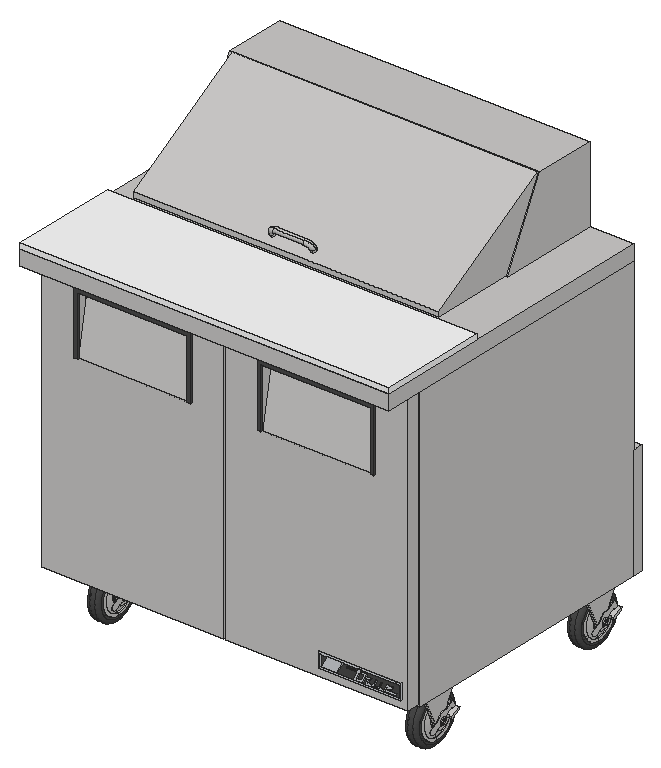
Revit family "QF_TRUE_TSSU-36-08-HC", category Specialty Equipment, Revit 2016
Family settings
  Part Type = Normal
  Round Connector Dimension = Use Diameter
  Work Plane-Based = No
  Always vertical = Yes
  Cut with Voids When Loaded = No
  Shared = No
  Room Calculation Point = No
Parameters
  Weight in Pounds = 255
  Watts = if(Phase = 3, Volts * FL Amps * 1.73, Volts * FL Amps)  # 517.5 W
  Volts = 115 V
  URL Cutsheet = ""
  Specification by User = ""
  Specification by Manufacturer = ""
  Show Seismic Flanged [instance] = no
  Show Logo [instance] = yes
  Show Legs [instance] = no
  Show Clearance [instance] = yes
  Show 6 Inches Castors [instance] = if(Show 2.5 Inches Castors, or(Show Legs, Show Seismic Flanged), if(Show Seismic Flanged, Show Legs, not(or(Show Legs, Show Seismic Flanged, Show 2.5 Inches Castors))))  # yes
  Show 2.5 Inches Castors [instance] = no
  Serial Number = ""
  Seismic Rating = ""
  SMACNA No = ""
  Revision Code = ""
  Phase = 1
  Number of Poles = 1
  NAFEM Spec ID Number = ""
  Model = "TSSU-36-08-HC"
  Min Ckt Ampacity = 0 A
  Max Overcurrent Protection = 0 A
  Masterspec = ""
  Manufacturer = "TRUE"
  Length = 36 5/16"
  Item Number = ""
  Installed By = ""
  Identify Quantity as Lot = yes
  Height = 42 15/16"
  HP = "1/4"
  Furnished By = ""
  Foodservice Equipment Identifier = yes
  FL Amps = 4.5 A
  Electrical Remarks = ""
  Electric Connection Type = ""
  Elec Conn RI Height = 0"
  Elec Conn Connection Height = 0"
  Description = "SOLID DOOR SANDWICH/SALAD UNIT WITH HYDROCARBON REFRIGERANT"
  Depth = 30 1/16"
  Cycle = 60 Hz
  Conn Plug = "NEMA 5-15P"
  Conn Conduit = yes
  CSI MasterFormat = ""
  Base Height [instance] = if(Show 6 Inches Castors, 6 3/16", if(Show 2.5 Inches Castors, 2 1/2", if(Show Legs, 6", if(Show Seismic Flanged, 6", 6 3/16"))))  # 6 3/16"
  Apparent Power = if(Phase = 3, Volts * FL Amps * 1.73, Volts * FL Amps)  # 517.5 VA
  Legs [instance] = and(not(Show 2.5 Inches Castors), or(Show Legs, Show Seismic Flanged))  # no
  Seismic Flanged [instance] = and(Show Seismic Flanged, not(Show 6 Inches Castors))  # no
  2.5 Inches Castors [instance] = and(Show 2.5 Inches Castors, not(Show 6 Inches Castors))  # no
Reference planes (in)
  plane 1 "BACK": y = 0
  plane 2: z = 0
  plane 3 "LEFT": x = 0
  plane 4 "RIGHT": x = 36.3125
  plane 5 "FRONT": y = -30.0625
  plane 6 "TOP": z = 35.9375
  plane 7 "Center Y": x = 18.15625
  plane 8 "Center X": y = -15.03125
  plane 9: y = 1
  plane 10: y = -45.53125
  plane 11: x = 2.5
  plane 12: x = 33.8125
  plane 13: z = 6.1875
  plane 14: z = 42.9375
  plane 15: z = 46.6875
Forms (in)
  Extrusion 1, solid, material "QF_Metal - Stainless - Polished"
    sketch origin (36.3125, 1, 6.1875) x (-1, 0, 0) y (0, 0, 1)
      loop
        circle (18.15625, 4.91291) r 0.25
    from 0 to 1
Dimensions and locks (in)
  equal spacing: plane 3 "LEFT", plane 7 "Center Y", plane 4 "RIGHT"
  "Length": plane 3 "LEFT" to plane 4 "RIGHT"
  equal spacing: plane 5 "FRONT", plane 8 "Center X", plane 1 "BACK"
  "Depth": plane 5 "FRONT" to plane 1 "BACK"
  plane 5 "FRONT" to plane 1 "BACK" = 30 1/16"
  plane 4 "RIGHT" to plane 3 "LEFT" = 36 5/16"
  plane 10 to plane 9 = 46 17/32"
  plane 10 to plane 5 "FRONT" = 15 15/32"  (x2)
  plane 9 to plane 10 = 46 17/32"
  locked: plane 11 to plane 3 "LEFT" at 2.5
  locked: plane 12 to plane 4 "RIGHT" at 2.5
  plane 1 "BACK" to plane 9 = 1"
  plane 6 "TOP" to plane 13 = 29 3/4"
  "Base Height": plane 13 to level
  level to plane 13 to plane 6 "TOP" = 6 3/16", 29 3/4"
  plane 14 to plane 6 "TOP" = 7"  (x2)
  plane 15 to level = 46 11/16"  (x2)
  plane 14 to level = 42 15/16"  (x2)
  plane 6 "TOP" to level = 35 15/16"  (x2)
  aligned and locked: level to plane 2
  aligned and locked: plane 11 to nested 3
  aligned and locked: plane 11 to nested 2
  aligned and locked: plane 12 to nested 5
  aligned and locked: plane 12 to nested 4
  aligned and locked: nested 1 to plane 13
Automatic sketch dimensions
  Extrusion 1 sketch curve to nested 1 = 4.91291"
  nested 1 to Extrusion 1 sketch curve = 18 5/32"
  radius of Extrusion 1 sketch curve = 1/4"
Nested families (in)
  nested 1: "TSSU-36-08-HC" at (0, 0, 0), type "TSSU-36-08-HC"
  nested 2: "CASTORS" at (2.5, -3.12389, 0), Show Seismic flanged legs <- "Seismic Flanged", Show Standard Legs <- "Legs", Show 2.5" Casters <- "2.5 Inches Castors", Show 6" Casters <- "Show 6 Inches Castors", type "CASTORS"
    with Type Mark "", Status "", Specification by User "", Show Standard Legs no, Show Seismic flanged legs no, Show 6" Casters yes, Show 2.5" Casters no, Revision Code "", Key Locks yes, Item Number "", Installed By "", Identify Quantity as Lot yes, Furnished By "", Foodservice Equipment Identifier yes
  nested 3: "CASTORS" at (2.5, -23.06139, 0), Show Seismic flanged legs <- "Seismic Flanged", Show Standard Legs <- "Legs", Show 2.5" Casters <- "2.5 Inches Castors", Show 6" Casters <- "Show 6 Inches Castors", type "CASTORS"
    with Type Mark "", Status "", Specification by User "", Show Standard Legs no, Show Seismic flanged legs no, Show 6" Casters yes, Show 2.5" Casters no, Revision Code "", Key Locks yes, Item Number "", Installed By "", Identify Quantity as Lot yes, Furnished By "", Foodservice Equipment Identifier yes
  nested 4: "CASTORS" at (33.8125, -3.12389, 0), Show Seismic flanged legs <- "Seismic Flanged", Show Standard Legs <- "Legs", Show 2.5" Casters <- "2.5 Inches Castors", Show 6" Casters <- "Show 6 Inches Castors", type "CASTORS"
    with Type Mark "", Status "", Specification by User "", Show Standard Legs no, Show Seismic flanged legs no, Show 6" Casters yes, Show 2.5" Casters no, Revision Code "", Key Locks yes, Item Number "", Installed By "", Identify Quantity as Lot yes, Furnished By "", Foodservice Equipment Identifier yes
  nested 5: "CASTORS" at (33.8125, -23.06139, 0), Show Seismic flanged legs <- "Seismic Flanged", Show Standard Legs <- "Legs", Show 2.5" Casters <- "2.5 Inches Castors", Show 6" Casters <- "Show 6 Inches Castors", type "CASTORS"
    with Type Mark "", Status "", Specification by User "", Show Standard Legs no, Show Seismic flanged legs no, Show 6" Casters yes, Show 2.5" Casters no, Revision Code "", Key Locks yes, Item Number "", Installed By "", Identify Quantity as Lot yes, Furnished By "", Foodservice Equipment Identifier yes
Connectors (in)
  electrical at (18.15625, 2, 11.10041), driven by "Volts", driven by "Apparent Power"
    settings: on Extrusion 1, index 1, voltage 115 V, apparent load 0 VA, apparent load phase1 517.5 VA, apparent load phase2 0 VA, apparent load phase3 0 VA, power factor 1, load classification "Other", number of poles 1, system type 31, power factor state 1, is connector primary yes, connector utility no, sub classification motor no, connector description "ELECTRICAL INLET"
Definition of nested family "TSSU-36-08-HC"
  Parameters (values of type "TSSU-36-08-HC")
    Show Logo [instance] = yes
    Show Clearance [instance] = yes
    Model = ""
    Manufacturer = ""
    Description = ""
  Reference planes (in)
    plane 1 "BACK": y = 0
    plane 2: z = 0
    plane 3 "LEFT": x = 0
    plane 4 "RIGHT": x = 36.3125
    plane 5 "FRONT": y = -30.0625
    plane 6 "TOP": z = 35.9375
    plane 7 "Center Y": x = 18.15625
    plane 8 "Center X": y = -15.03125
    plane 9: y = 1
    plane 10: y = -45.53125
    plane 11: x = 1.53125
    plane 12: x = 32.03125
    plane 13: z = 42.9375
    plane 14: y = -6.125
    plane 15: y = -18.3125
    plane 16: z = 6.1875
    plane 17: z = 46.6875
  Forms (in)
    Extrusion 1, solid, visible <- "Show Clearance", detail levels coarse
      sketch origin (0, -6.40625, 2.25) x (0, 1, 0) y (0, 0, 1)
        loop
          line (0.28125, 40.6875) -> (-8.625, 44.4375)
          arc (-8.625, 44.4375) -> (-12.47245, 39.7361) -> (-11.90625, 33.6875) r 7.99754
          line (-11.90625, 33.6875) -> (0.28125, 40.6875)
      from 1.77525 to 31.8125
    Extrusion 2, solid
      sketch origin (0, 1, 2.25) x (0, 1, 0) y (0, 0, 1)
        loop
          line (-31.0625, 33.1875) -> (-31.0625, 31.6875) -> (-1, 31.6875) -> (-1, 33.1875) -> (-31.0625, 33.1875)
      from 0 to 36.3125
    Extrusion 3, solid
      sketch origin (0, 1, 2.25) x (0, 1, 0) y (0, 0, 1)
        loop
          line (-1, 40.6875) -> (-7.125, 40.6875) -> (-11.11282, 33.1875) -> (-1, 33.1875) -> (-1, 40.6875)
      from 1.53125 to 32.03125
    Extrusion 4, solid
      sketch origin (0, -5.90625, 2.25) x (0, 1, 0) y (0, 0, 1)
        loop
          line (-12.40625, 33.1875) -> (-4.20657, 33.1875) -> (-0.21875, 40.6875) -> (-12.40625, 33.6875) -> (-12.40625, 33.1875)
      from 1.77525 to 31.8125
    Extrusion 5, solid
      sketch origin (0, 1, 2.25) x (0, 1, 0) y (0, 0, 1)
        loop
          line (-1, 31.6875) -> (-27.3125, 31.6875) -> (-27.3125, 3.9375) -> (-1, 3.9375) -> (-1, 31.6875)
      from 0 to 36.3125
    Extrusion 6, solid
      sketch origin (0, 1, 2.25) x (0, 1, 0) y (0, 0, 1)
        loop
          line (-1, 3.9375) -> (0, 3.9375) -> (0, 15.0625) -> (-1, 15.0625) -> (-1, 3.9375)
      from 0 to 36.3125
    Revolve 7, solid
      sketch origin (4.5, 1, 2.25) x (0, 1, 0) y (0, 0, 1)
        loop
          line (-0.60959, 28.75269) -> (-1, 28.75269) -> (-1, 28.1431) -> (0, 28.1431)
          arc (0, 28.1431) -> (-0.17855, 28.57414) -> (-0.60959, 28.75269) r 0.60959
        axis (0, 28.1431) -> (-1, 28.1431)
      angle from 0 to 360
    Extrusion 8, solid
      sketch origin (-12, 1, 2.25) x (0, 1, 0) y (0, 0, 1)
        loop
          line (-1.5, 3.9375) -> (-24.58244, 3.9375) -> (-24.58244, 1.625) -> (-1.5, 1.625) -> (-1.5, 3.9375)
      from 22.9375 to 35.5625
    Extrusion 9, solid
      sketch origin (0, 5, 2.25) x (0, 1, 0) y (0, 0, 1)
        loop
          line (-35.0625, 33.1875) -> (-24.28125, 33.1875) -> (-24.28125, 33.6875) -> (-35.0625, 33.6875) -> (-35.0625, 33.1875)
      from 0 to 36.3125
    Extrusion 10, solid
      sketch origin (64.0625, -26.3125, 33.9375) x (0, 0, -1) y (-1, 0, 0)
        loop
          line (0.125, 63.9375) -> (0.125, 46.02845) -> (27.625, 46.02845) -> (27.625, 63.9375) -> (0.125, 63.9375)
        loop
          line (1.46362, 49.57533) -> (7.96362, 49.57533) -> (7.96362, 60.70033) -> (1.46362, 60.70033) -> (1.46362, 49.57533)
        loop
          line (0.125, 27.875) -> (27.625, 27.875) -> (27.625, 45.78405) -> (0.125, 45.78405) -> (0.125, 27.875)
        loop
          line (1.46362, 42.23717) -> (1.46362, 31.11217) -> (7.96362, 31.11217) -> (7.96362, 42.23717) -> (1.46362, 42.23717)
      from 0 to -1.25
    Extrusion 11, solid
      sketch origin (64.0625, -27.5625, 33.9375) x (0, 0, 1) y (-1, 0, 0)
        loop
          line (-7.96362, 60.70033) -> (-7.96362, 60.32533) -> (-2.08862, 60.32533) -> (-2.08862, 49.57533) -> (-7.96362, 49.57533) -> (-7.96362, 49.20033) -> (-1.46362, 49.20033) -> (-1.46362, 60.70033) -> (-7.96362, 60.70033)
      from 0 to 0.125
    Extrusion 12, solid
      sketch origin (0, 2.25, 2.25) x (0, 1, 0) y (0, 0, 1)
        loop
          line (-29.8125, 23.72388) -> (-28.5625, 23.72388) -> (-28.5625, 30.22388) -> (-29.8125, 23.72388)
      from 14.48717 to 3.73717
    Extrusion 13, solid, visible <- "Show Clearance", detail levels coarse
      sketch origin (0, 2.5, 2.25) x (1, 0, 0) y (0, 1, 0)
        loop
          line (0.125, -30.0625) -> (0.125, -47.97155)
          arc (0.125, -47.97155) -> (12.78861, -42.72611) -> (18.03405, -30.0625) r 17.90905
          line (18.03405, -30.0625) -> (0.125, -30.0625)
        loop
          line (36.1875, -30.0625) -> (18.27845, -30.0625)
          arc (18.27845, -30.0625) -> (23.52389, -42.72611) -> (36.1875, -47.97155) r 17.90905
          line (36.1875, -47.97155) -> (36.1875, -30.0625)
      from 3.9375 to 31.5625
    Sweep 14, solid
      path origin (-3.43801, 0.20441, 5.70605) x (1, 0, 0) y (0, -0.498053, 0.867146)
        loop
          line (22.25, 35.4375) -> (22.25, 35.6875)
          arc (22.25, 35.6875) -> (22.10355, 36.04105) -> (21.75, 36.1875) r 0.5
          line (21.75, 36.1875) -> (18.75, 36.1875)
          arc (18.75, 36.1875) -> (18.39645, 36.04105) -> (18.25, 35.6875) r 0.5
          line (18.25, 35.6875) -> (18.25, 35.4375)
      profile origin (16.81199, -17.81889, 37.08591) x (0, 0.498053, -0.867146) y (0, -0.867146, -0.498053)
        loop
          circle (0, 0) r 0.25
    Revolve 15, solid
      sketch origin (31.8125, 1, 2.25) x (0, 1, 0) y (0, 0, -1)
        loop
          arc (-0.60959, -28.75269) -> (-0.17855, -28.57414) -> (0, -28.1431) r 0.60959
          line (0, -28.1431) -> (-1, -28.1431) -> (-1, -28.75269) -> (-0.60959, -28.75269)
        axis (0, -28.1431) -> (-1, -28.1431)
      angle from 0 to 360
    Extrusion 16, solid
      sketch origin (-27.75, -27.5625, 33.9375) x (0, 0, 1) y (-1, 0, 0)
        loop
          line (-7.96362, -60.70033) -> (-1.46362, -60.70033) -> (-1.46362, -49.20033) -> (-7.96362, -49.20033) -> (-7.96362, -49.57533) -> (-2.08862, -49.57533) -> (-2.08862, -60.32533) -> (-7.96362, -60.32533) -> (-7.96362, -60.70033)
      from 0 to 0.125
    Extrusion 17, solid
      sketch origin (36.3125, 2.25, 2.25) x (0, 1, 0) y (0, 0, -1)
        loop
          line (-29.8125, -23.72388) -> (-28.5625, -30.22388) -> (-28.5625, -23.72388) -> (-29.8125, -23.72388)
      from 14.48717 to 3.73717
  Lines and regions (in)
    symbolic lines
      curve 1: line (2.95982, -17.21875, 2.25) -> (30.43479, -17.21875, 2.25)
      curve 2: line (2.95982, -2.125, 2.25) -> (2.95982, -17.21875, 2.25)
      curve 3: line (30.43479, -2.125, 2.25) -> (2.95982, -2.125, 2.25)
      curve 4: line (30.43479, -17.21875, 2.25) -> (30.43479, -2.125, 2.25)
      curve 5: line (9.82856, -2.125, 2.25) -> (9.82856, -17.21875, 2.25)
      curve 6: line (23.56605, -2.125, 2.25) -> (23.56605, -17.21875, 2.25)
      curve 7: line (2.95982, -9.67187, 2.25) -> (30.43479, -9.67187, 2.25)
      curve 8: line (0, 0, 2.25) -> (0, -30.0625, 2.25)
      curve 9: line (36.3125, 0, 2.25) -> (0, 0, 2.25)
      curve 10: line (36.3125, -30.0625, 2.25) -> (36.3125, 0, 2.25)
      curve 11: line (1.53125, 0, 2.25) -> (1.53125, -13.2553, 2.25)
      curve 12: line (1.53125, -6.125, 2.25) -> (32.03125, -6.125, 2.25)
      curve 13: line (32.03125, -13.2553, 2.25) -> (32.03125, 0, 2.25)
      curve 14: line (32.03125, -13.2553, 2.25) -> (31.8125, -13.2553, 2.25)
      curve 15: line (31.8125, -6.125, 2.25) -> (31.8125, -18.3125, 2.25)
      curve 16: line (31.8125, -18.3125, 2.25) -> (1.77525, -18.3125, 2.25)
      curve 17: line (1.77525, -18.3125, 2.25) -> (1.77525, -6.125, 2.25)
      curve 18: line (1.53125, -13.2553, 2.25) -> (1.77525, -13.2553, 2.25)
      curve 19: line (1.77525, -6.625, 2.25) -> (31.8125, -6.625, 2.25)
      curve 20: line (0, -19.28125, 2.25) -> (36.3125, -19.28125, 2.25)
      curve 21: line (0, -30.0625, 0) -> (36.3125, -30.0625, 0)
      curve 22: line (0.125, -30.0625, 2.25) -> (16.49813, -34.81885, 2.25)
      curve 23: arc (16.49813, -34.81885, 2.25) -> (17.34344, -32.48788, 2.25) -> (17.8587, -30.0625, 2.25) r 17.90905
      curve 24: line (36.1875, -30.0625, 2.25) -> (19.81437, -34.81885, 2.25)
      curve 25: arc (19.81437, -34.81885, 2.25) -> (18.96906, -32.48788, 2.25) -> (18.4538, -30.0625, 2.25) r 17.90905
      curve 26: arc (32.42209, 0.39041, 2.25) -> (31.8125, 1, 2.25) -> (31.20291, 0.39041, 2.25) r 0.60959
      curve 27: line (32.42209, 0.39041, 2.25) -> (32.42209, 0, 2.25)
      curve 28: line (31.20291, 0, 2.25) -> (31.20291, 0.39041, 2.25)
      curve 29: arc (3.89041, 0.39041, 2.25) -> (4.5, 1, 2.25) -> (5.10959, 0.39041, 2.25) r 0.60959
      curve 30: line (3.89041, 0.39041, 2.25) -> (3.89041, 0, 2.25)
      curve 31: line (5.10959, 0, 2.25) -> (5.10959, 0.39041, 2.25)
      curve 32: line (16.6973, -2.125, 2.25) -> (16.6973, -17.21875, 2.25)
  Dimensions and locks (in)
    equal spacing: plane 3 "LEFT", plane 7 "Center Y", plane 4 "RIGHT"
    plane 3 "LEFT" to plane 4 "RIGHT" = 36 5/16"
    equal spacing: plane 5 "FRONT", plane 8 "Center X", plane 1 "BACK"
    plane 5 "FRONT" to plane 1 "BACK" = 30 1/16"  (x2)
    plane 4 "RIGHT" to plane 3 "LEFT" = 36 5/16"
    plane 13 to level = 42 15/16"
    plane 10 to plane 9 = 46 17/32"
    plane 10 to plane 5 "FRONT" = 15 15/32"
    plane 4 "RIGHT" to plane 12 to plane 11 to plane 3 "LEFT" = 4 9/32", 30 1/2", 1 17/32"
    plane 1 "BACK" to plane 9 = 1"
    plane 14 to plane 1 "BACK" = 6 1/8"
    plane 15 to plane 1 "BACK" = 18 5/16"
    plane 13 to plane 16 = 36 3/4"  (x2)
    plane 16 to level = 6 3/16"  (x2)
    plane 6 "TOP" to plane 16 = 29 3/4"  (x2)
    plane 13 to plane 6 "TOP" = 7"  (x2)
    plane 17 to plane 6 "TOP" = 10 3/4"
    Extrusion 8 to Extrusion 8 to plane 4 "RIGHT" = 12 5/8", 12 3/4"
    plane 17 to level = 46 11/16"
    plane 6 "TOP" to level = 35 15/16"
    locked: Extrusion 3 to Extrusion 1 at 0.21875
    locked: Extrusion 3 to Extrusion 1 at 0.244
    aligned and locked: level to plane 2
    aligned and locked: Extrusion 1 to Extrusion 4
    aligned and locked: Extrusion 4 to Extrusion 1
    aligned and locked: Extrusion 13 to Extrusion 10
    aligned and locked: Extrusion 2 to plane 4 "RIGHT"
    aligned and locked: Extrusion 9 to plane 4 "RIGHT"
    aligned and locked: Extrusion 5 to plane 4 "RIGHT"
    aligned and locked: Extrusion 6 to plane 4 "RIGHT"
    aligned and locked: Extrusion 12 to Extrusion 10
    aligned and locked: curve 10 to Extrusion 9
    aligned and locked: curve 25 to Extrusion 13
    aligned and locked: curve 23 to Extrusion 13
    aligned and locked: Extrusion 3 to plane 12
    aligned and locked: Extrusion 3 to plane 11
    aligned and locked: Extrusion 5 to Extrusion 10
    aligned and locked: Extrusion 10 to nested 1
  Automatic sketch dimensions
    Extrusion 6 sketch curve to plane 1 "BACK" = 0"
    Extrusion 6 sketch curve to plane 9 = 0"
    Extrusion 6 sketch curve to plane 16 = 0"
    plane 16 to Extrusion 6 sketch curve = 11 1/8"
    curve 21 to plane 3 "LEFT" = 0"
    curve 21 to plane 4 "RIGHT" = 0"
    plane 5 "FRONT" to curve 21 = 0"
    Extrusion 1 sketch curve to plane 6 "TOP" = 0"
    Extrusion 1 sketch curve to plane 15 = 0"
    Extrusion 1 sketch curve to plane 8 "Center X" = 0"
    Extrusion 1 sketch curve to plane 13 = 0"
    Extrusion 1 sketch curve to plane 14 = 0"
    Extrusion 1 sketch curve to plane 17 = 0"
    Extrusion 1 sketch curve to plane 13 = 3.28617"
    Extrusion 2 sketch curve to plane 5 "FRONT" = 0"
    Extrusion 2 sketch curve to plane 1 "BACK" = 0"
    Extrusion 2 sketch curve to plane 6 "TOP" = 2"
    Extrusion 2 sketch curve to plane 6 "TOP" = 1/2"
    Extrusion 3 sketch curve to plane 13 = 0"
    Extrusion 3 sketch curve to plane 14 = 0"
    Extrusion 3 sketch curve to plane 1 "BACK" = 0"
    Extrusion 3 sketch curve to plane 6 "TOP" = 1/2"
    Extrusion 3 sketch curve to plane 14 = 3.98782"
    Extrusion 4 sketch curve to plane 6 "TOP" = 0"
    Extrusion 4 sketch curve to plane 15 = 0"
    Extrusion 4 sketch curve to plane 13 = 0"
    Extrusion 4 sketch curve to plane 14 = 0"
    Extrusion 4 sketch curve to plane 6 "TOP" = 1/2"
    Extrusion 4 sketch curve to plane 14 = 3.98782"
    Extrusion 5 sketch curve to plane 16 = 0"
    Extrusion 5 sketch curve to plane 1 "BACK" = 0"
    Extrusion 5 sketch curve to plane 5 "FRONT" = 3 3/4"
    Extrusion 5 sketch curve to plane 6 "TOP" = 2"
    Revolve 7 sketch curve to plane 1 "BACK" = 0"
    Revolve 7 sketch curve to plane 9 = 0"  (x2)
    Revolve 7 sketch curve to plane 1 "BACK" = 0.39041"
    Revolve 7 sketch curve to plane 6 "TOP" = 5.5444"
    plane 14 to Revolve 7 sketch curve = 2 3/8"
    Revolve 7 sketch curve to Revolve 7 sketch curve = 0"
    Extrusion 8 sketch curve to plane 16 = 0"
    Extrusion 8 sketch curve to plane 5 "FRONT" = 6.48006"
    plane 1 "BACK" to Extrusion 8 sketch curve = 1/2"
    Extrusion 8 sketch curve to plane 16 = 2 5/16"
    Extrusion 9 sketch curve to plane 5 "FRONT" = 0"
    Extrusion 9 sketch curve to plane 6 "TOP" = 0"
    Extrusion 9 sketch curve to plane 15 = 31/32"
    Extrusion 9 sketch curve to plane 6 "TOP" = 1/2"
    plane 3 "LEFT" to Extrusion 10 sketch curve = 1/8"
    Extrusion 10 sketch curve to plane 6 "TOP" = 2 1/8"
    Extrusion 10 sketch curve to Extrusion 10 sketch curve = 0"
    Extrusion 10 sketch curve to plane 6 "TOP" = 3.46362"  (x2)
    Extrusion 10 sketch curve to plane 12 = 0.91908"
    Extrusion 10 sketch curve to Extrusion 10 sketch curve = 6 1/2"  (x2)
    plane 16 to Extrusion 10 sketch curve = 1/8"  (x2)
    plane 4 "RIGHT" to Extrusion 10 sketch curve = 1/8"
    plane 7 "Center Y" to Extrusion 10 sketch curve = 3.66908"
    plane 7 "Center Y" to Extrusion 10 sketch curve = 0.1222"
    Extrusion 10 sketch curve to plane 7 "Center Y" = 0.1222"
    Extrusion 10 sketch curve to plane 7 "Center Y" = 3.66908"
    Extrusion 10 sketch curve to plane 11 = 1.83092"
    Extrusion 11 sketch curve to Extrusion 10 = 0"  (x4)
    Extrusion 10 to Extrusion 11 sketch curve = 0"
    Extrusion 10 to Extrusion 11 sketch curve = 5/8"
    Extrusion 11 sketch curve to Extrusion 10 = 3/8"
    Extrusion 10 to Extrusion 11 sketch curve = 3/8"
    Extrusion 12 sketch curve to plane 5 "FRONT" = 2 1/2"
    Extrusion 12 sketch curve to Extrusion 12 sketch curve = 1 1/4"
    Extrusion 12 sketch curve to plane 6 "TOP" = 9.96362"
    Extrusion 12 sketch curve to plane 6 "TOP" = 3.46362"
    plane 3 "LEFT" to Extrusion 13 sketch curve = 1/8"
    Extrusion 13 sketch curve to plane 7 "Center Y" = 0.1222"
    plane 7 "Center Y" to Extrusion 13 sketch curve = 0.1222"
    plane 4 "RIGHT" to Extrusion 13 sketch curve = 1/8"
    plane 10 to Extrusion 13 sketch curve = 0.0597"  (x2)
    Sweep 14 sketch curve to plane 7 "Center Y" = 3.34426"
    Sweep 14 sketch curve to Sweep 14 sketch curve = 1/2"  (x2)
    plane 7 "Center Y" to Sweep 14 sketch curve = 0.15574"
    Sweep 14 sketch curve to Sweep 14 sketch curve = 1/4"  (x2)
    Sweep 14 sketch curve to profile plane = 0"
    profile plane to Sweep 14 sketch curve = 0"
    Revolve 15 sketch curve to plane 1 "BACK" = 0"
    Revolve 15 sketch curve to plane 9 = 0"  (x2)
    Revolve 15 sketch curve to plane 1 "BACK" = 0.39041"
    Revolve 15 sketch curve to plane 6 "TOP" = 4.93481"
    plane 14 to Revolve 15 sketch curve = 2 3/8"
    Revolve 15 sketch curve to Revolve 15 sketch curve = 0"
    Extrusion 16 sketch curve to Extrusion 10 = 0"  (x4)
    Extrusion 10 to Extrusion 16 sketch curve = 0"
    Extrusion 10 to Extrusion 16 sketch curve = 5/8"
    Extrusion 10 to Extrusion 16 sketch curve = 3/8"
    Extrusion 16 sketch curve to Extrusion 10 = 3/8"
    Extrusion 17 sketch curve to plane 5 "FRONT" = 2 1/2"
    Extrusion 17 sketch curve to Extrusion 17 sketch curve = 1 1/4"
    Extrusion 17 sketch curve to plane 6 "TOP" = 3.46362"
    Extrusion 17 sketch curve to Extrusion 17 sketch curve = 6 1/2"
    plane 1 "BACK" to curve 8 = 0"
    curve 8 to plane 3 "LEFT" = 0"
    plane 5 "FRONT" to curve 22 = 0"
    curve 11 to plane 11 = 0"
    curve 17 to plane 15 = 0"
    curve 17 to plane 14 = 0"
    plane 5 "FRONT" to curve 23 = 0"
    plane 5 "FRONT" to curve 25 = 0"
    curve 13 to plane 12 = 0"
    plane 5 "FRONT" to curve 24 = 0"
    plane 5 "FRONT" to curve 8 = 0"
    plane 5 "FRONT" to curve 10 = 0"
    curve 17 to plane 11 = 0.244"
    curve 3 to plane 11 = 1.42857"
    curve 30 to plane 1 "BACK" = 0.39041"
    curve 30 to plane 11 = 2.35916"
    curve 29 to curve 29 = 0.60959"
    curve 22 to plane 7 "Center Y" = 1.65812"
    plane 7 "Center Y" to curve 24 = 1.65812"
    plane 12 to curve 3 = 1.59646"
    curve 28 to plane 1 "BACK" = 0.39041"
    plane 12 to curve 28 = 0.82834"
    plane 12 to curve 16 = 7/32"
    plane 12 to curve 26 = 7/32"
    plane 15 to curve 4 = 1 3/32"
    plane 8 "Center X" to curve 14 = 1.77595"
    plane 8 "Center X" to curve 11 = 1.77595"
    plane 1 "BACK" to curve 3 = 2 1/8"
    plane 3 "LEFT" to curve 22 = 1/8"
    curve 31 to curve 5 = 4.71897"
    curve 32 to plane 7 "Center Y" = 1.45895"
    plane 7 "Center Y" to curve 6 = 5.4098"
    plane 4 "RIGHT" to curve 24 = 1/8"
    curve 20 to plane 15 = 31/32"
    curve 7 to plane 14 = 3 35/64"
    curve 19 to plane 14 = 1/2"
    radius of Sweep 14 sketch curve = 1/4"
  Nested families (in)
    nested 1: "QF_LOGO_TRUE" at (27.43627, -27.5625, 7.01961), Show Logo <- "Show Logo", type "QF_LOGO_TRUE", detail levels medium+fine
      with Show Logo yes
  Definition of nested family "QF_LOGO_TRUE"
    Parameters (values of type "QF_LOGO_TRUE")
      Show Logo [instance] = yes
    Reference planes (in)
      plane 1 "Center (Front/Back)": y = 0
      plane 2: z = 0
      plane 3 "Center (Left/Right)": x = 0
    Forms (in)
      Extrusion 1, solid, visible <- "Show Logo", detail levels medium+fine
        sketch origin (-78.34647, 34.76905, -30.51001) x (1, 0, 0) y (0, 0, 1)
          loop
            line (81.15226, 31.65456) -> (81.07353, 31.48573) -> (82.12083, 31.48573)
            arc (82.12083, 31.48573) -> (82.14208, 31.44814) -> (82.12083, 31.41055) r 0.04386
            line (82.12083, 31.41055) -> (81.84767, 30.82478)
            arc (81.84767, 30.82478) -> (81.84531, 30.77052) -> (81.882, 30.73048) r 0.07096
            line (81.882, 30.73048) -> (82.55165, 30.73048)
            arc (82.55165, 30.73048) -> (82.63621, 30.75714) -> (82.69019, 30.82748) r 0.14742
            line (82.69019, 30.82748) -> (82.90515, 31.28847) -> (83.10265, 31.28847)
            arc (83.10265, 31.28847) -> (83.15447, 31.26942) -> (83.14697, 31.21472) r 0.04405
            line (83.14697, 31.21472) -> (82.9671, 30.82899)
            arc (82.9671, 30.82899) -> (82.9699, 30.76493) -> (83.02398, 30.73048) r 0.06943
            line (83.02398, 30.73048) -> (83.6124, 30.73048)
            arc (83.6124, 30.73048) -> (83.65748, 30.74689) -> (83.68147, 30.78844) r 0.07014
            arc (83.68147, 30.78844) -> (83.69845, 30.74745) -> (83.73943, 30.73048) r 0.05796
            line (83.73943, 30.73048) -> (84.112, 30.73048)
            arc (84.112, 30.73048) -> (84.15504, 30.74201) -> (84.18655, 30.77352) r 0.08608
            arc (84.18655, 30.77352) -> (84.20164, 30.7371) -> (84.23806, 30.72202) r 0.0515
            line (84.23806, 30.72202) -> (84.76757, 30.72202)
            arc (84.76757, 30.72202) -> (84.81086, 30.73995) -> (84.8288, 30.78324) r 0.06122
            arc (84.8288, 30.78324) -> (84.86848, 30.74355) -> (84.92269, 30.72903) r 0.10842
            line (84.92269, 30.72903) -> (85.91461, 30.72903) -> (86.02479, 30.91987) -> (85.0243, 30.91987)
            arc (85.0243, 30.91987) -> (84.99669, 30.93902) -> (84.99566, 30.97261) r 0.03732
            line (84.99566, 30.97261) -> (85.01297, 31.00972)
            arc (85.01297, 31.00972) -> (85.03954, 31.04453) -> (85.0813, 31.05774) r 0.07263
            line (85.0813, 31.05774) -> (85.40289, 31.05774)
            arc (85.40289, 31.05774) -> (85.4723, 31.07633) -> (85.52311, 31.12715) r 0.13882
            line (85.52311, 31.12715) -> (85.61625, 31.28847)
            arc (85.61625, 31.28847) -> (85.61625, 31.37458) -> (85.54168, 31.41763) r 0.08611
            line (85.54168, 31.41763) -> (85.20227, 31.41763)
            arc (85.20227, 31.41763) -> (85.11574, 31.40294) -> (85.05538, 31.33923) r 0.13863
            line (85.05538, 31.33923) -> (84.89409, 30.99333)
            arc (84.89409, 30.99333) -> (84.84649, 30.9313) -> (84.77191, 30.90778) r 0.13002
            line (84.77191, 30.90778) -> (84.41984, 30.90778)
            arc (84.41984, 30.90778) -> (84.3777, 30.95378) -> (84.38042, 31.0161) r 0.08151
            line (84.38042, 31.0161) -> (84.56766, 31.41763) -> (84.44849, 31.41763) -> (84.25012, 30.99222)
            arc (84.25012, 30.99222) -> (84.21158, 30.94199) -> (84.15119, 30.92296) r 0.10527
            line (84.15119, 30.92296) -> (83.90842, 30.92296)
            arc (83.90842, 30.92296) -> (83.8674, 30.97642) -> (83.87619, 31.04323) r 0.08805
            line (83.87619, 31.04323) -> (84.05078, 31.41763) -> (83.92772, 31.41763) -> (83.72676, 30.98668)
            arc (83.72676, 30.98668) -> (83.68011, 30.94003) -> (83.61639, 30.92296) r 0.12745
            line (83.61639, 30.92296) -> (83.26484, 30.92296)
            arc (83.26484, 30.92296) -> (83.2017, 30.9524) -> (83.19563, 31.0218) r 0.06967
            line (83.19563, 31.0218) -> (83.31118, 31.26961) -> (83.47452, 31.26961)
            arc (83.47452, 31.26961) -> (83.50209, 31.35268) -> (83.56075, 31.41763) r 0.21289
            line (83.56075, 31.41763) -> (82.92244, 31.41763)
            arc (82.92244, 31.41763) -> (82.85151, 31.40191) -> (82.80242, 31.34834) r 0.12081
            line (82.80242, 31.34834) -> (82.6294, 30.9773)
            arc (82.6294, 30.9773) -> (82.58962, 30.93752) -> (82.53528, 30.92296) r 0.10869
            line (82.53528, 30.92296) -> (82.1542, 30.92296)
            arc (82.1542, 30.92296) -> (82.12446, 30.96315) -> (82.13012, 31.01283) r 0.06822
            line (82.13012, 31.01283) -> (82.38156, 31.48573) -> (83.01596, 31.48573) -> (83.09469, 31.65456) -> (82.46029, 31.65456) -> (82.53902, 31.8234) -> (82.31334, 31.8234) -> (82.23461, 31.65456) -> (81.15226, 31.65456)
          loop
            arc (85.15937, 31.26434) -> (85.13191, 31.25698) -> (85.1118, 31.23688) r 0.05494
            line (85.1118, 31.23688) -> (85.09547, 31.18665)
            arc (85.09547, 31.18665) -> (85.10304, 31.16837) -> (85.12133, 31.16079) r 0.02586
            line (85.12133, 31.16079) -> (85.39889, 31.16079)
            arc (85.39889, 31.16079) -> (85.41888, 31.16523) -> (85.43513, 31.1777) r 0.04731
            line (85.43513, 31.1777) -> (85.44863, 31.2402)
            arc (85.44863, 31.2402) -> (85.44466, 31.25693) -> (85.42914, 31.26434) r 0.01994
            line (85.42914, 31.26434) -> (85.15937, 31.26434)
          loop
            line (78.62961, 30.74125) -> (80.12032, 30.74125) -> (80.73891, 31.81268) -> (79.2482, 31.81268) -> (78.62961, 30.74125)
        from 34.76797 to 34.83173
      Extrusion 2, solid, visible <- "Show Logo", detail levels medium+fine
        sketch origin (-142.84857, 34.75108, -33.3546) x (1, 0, 0) y (0, 0, 1)
          loop
            line (150.81107, 34.71978) -> (142.98607, 34.71978) -> (142.98607, 33.4921) -> (150.81107, 33.4921) -> (150.81107, 34.71978)
        from 34.75108 to 34.78125
      Extrusion 3, solid, visible <- "Show Logo", detail levels medium+fine
        sketch origin (-142.84857, 34.75108, -33.3546) x (1, 0, 0) y (0, 0, 1)
          loop
            line (150.94857, 34.85727) -> (142.84857, 34.85727) -> (142.84857, 33.3546) -> (150.94857, 33.3546) -> (150.94857, 34.85727)
          loop
            line (142.98607, 34.71978) -> (142.98607, 33.4921) -> (150.81107, 33.4921) -> (150.81107, 34.71978) -> (142.98607, 34.71978)
        from 34.75108 to 34.81376
      Extrusion 4, solid, not visible
        sketch origin (121.45701, -16.5, 4.98235) x (1, 0, 0) y (0, 0, 1)
          loop
            line (25.20115, 35.89949) -> (25.20115, 33.96647) -> (30.95381, 33.96647) -> (30.95381, 35.89949) -> (25.20115, 35.89949)
        from 31.5 to 31.54261
      Extrusion 5, solid, not visible
        sketch origin (121.45701, -16.5, 4.98235) x (1, 0, 0) y (0, 0, 1)
          loop
            line (26.7387, 34.95472) -> (26.61492, 34.49276) -> (27.038, 34.49276)
            arc (27.038, 34.49276) -> (27.13117, 34.52484) -> (27.18485, 34.60749) r 0.15134
            arc (27.18485, 34.60749) -> (27.20396, 34.68138) -> (27.22435, 34.75493) r 4.37326
            arc (27.22435, 34.75493) -> (27.23458, 34.81765) -> (27.22435, 34.88037) r 0.1974
            arc (27.22435, 34.88037) -> (27.18247, 34.93579) -> (27.11563, 34.95472) r 0.10914
            line (27.11563, 34.95472) -> (26.7387, 34.95472)
          loop
            line (26.90201, 34.80638) -> (26.84645, 34.59903) -> (26.92855, 34.59903)
            arc (26.92855, 34.59903) -> (26.98205, 34.6185) -> (27.01051, 34.6678) r 0.08322
            line (27.01051, 34.6678) -> (27.02399, 34.74424)
            arc (27.02399, 34.74424) -> (27.01491, 34.78454) -> (26.97985, 34.80638) r 0.05353
            line (26.97985, 34.80638) -> (26.90201, 34.80638)
          loop
            line (27.45336, 34.66131) -> (27.76233, 34.66131) -> (27.78859, 34.73909)
            arc (27.78859, 34.73909) -> (27.7878, 34.82039) -> (27.73107, 34.87864) r 0.10925
            arc (27.73107, 34.87864) -> (27.68233, 34.8944) -> (27.63139, 34.89974) r 0.24595
            line (27.63139, 34.89974) -> (27.46708, 34.89974)
            arc (27.46708, 34.89974) -> (27.4068, 34.88073) -> (27.3535, 34.84677) r 0.2421
            arc (27.3535, 34.84677) -> (27.2897, 34.76363) -> (27.26702, 34.66131) r 0.2421
            line (27.26702, 34.66131) -> (27.26702, 34.54477)
            arc (27.26702, 34.54477) -> (27.31618, 34.4956) -> (27.38334, 34.47761) r 0.13431
            line (27.38334, 34.47761) -> (27.59054, 34.47761)
            arc (27.59054, 34.47761) -> (27.63459, 34.48281) -> (27.67622, 34.49812) r 0.18924
            line (27.67622, 34.49812) -> (27.73102, 34.61563)
            arc (27.73102, 34.61563) -> (27.68453, 34.59565) -> (27.63566, 34.58252) r 0.35376
            arc (27.63566, 34.58252) -> (27.55885, 34.56956) -> (27.48204, 34.58252) r 0.23415
            arc (27.48204, 34.58252) -> (27.44492, 34.61362) -> (27.45336, 34.66131) r 0.04838
          loop
            line (27.4842, 34.73042) -> (27.62012, 34.73042) -> (27.62621, 34.76496)
            arc (27.62621, 34.76496) -> (27.58961, 34.80242) -> (27.53739, 34.80638) r 0.0742
            arc (27.53739, 34.80638) -> (27.49747, 34.77773) -> (27.4842, 34.73042) r 0.0742
          loop
            line (27.91616, 34.97572) -> (27.78675, 34.49276) -> (27.98645, 34.49276) -> (28.11586, 34.97572) -> (27.91616, 34.97572)
          loop
            line (28.13678, 34.66131) -> (28.08755, 34.47761) -> (28.27134, 34.47761) -> (28.32056, 34.66131) -> (28.43674, 34.66131) -> (28.47974, 34.78864) -> (28.36519, 34.78864)
            arc (28.36519, 34.78864) -> (28.35733, 34.81649) -> (28.36921, 34.84288) r 0.04231
            arc (28.36921, 34.84288) -> (28.431, 34.8652) -> (28.49617, 34.85686) r 0.13988
            line (28.49617, 34.85686) -> (28.53544, 34.97317)
            arc (28.53544, 34.97317) -> (28.39725, 34.99096) -> (28.25905, 34.97317) r 0.54546
            arc (28.25905, 34.97317) -> (28.20849, 34.91994) -> (28.18197, 34.85147) r 0.1894
            line (28.18197, 34.85147) -> (28.17089, 34.78864) -> (28.11397, 34.78864) -> (28.07985, 34.66131) -> (28.13678, 34.66131)
          loop
            arc (28.74846, 34.89756) -> (28.65884, 34.88533) -> (28.56922, 34.89756) r 0.33455
            line (28.56922, 34.89756) -> (28.45669, 34.47761) -> (28.63593, 34.47761) -> (28.74846, 34.89756)
          loop
            arc (28.60398, 35.01195) -> (28.57699, 34.97173) -> (28.60398, 34.9315) r 0.04347
            line (28.60398, 34.9315) -> (28.75755, 34.9315)
            arc (28.75755, 34.9315) -> (28.78645, 34.96687) -> (28.77911, 35.01195) r 0.0556
            line (28.77911, 35.01195) -> (28.60398, 35.01195)
          loop
            line (28.95336, 34.66131) -> (29.26233, 34.66131) -> (29.28859, 34.73909)
            arc (29.28859, 34.73909) -> (29.2878, 34.82039) -> (29.23107, 34.87864) r 0.10925
            arc (29.23107, 34.87864) -> (29.18233, 34.8944) -> (29.13139, 34.89974) r 0.24595
            line (29.13139, 34.89974) -> (28.96708, 34.89974)
            arc (28.96708, 34.89974) -> (28.9068, 34.88073) -> (28.8535, 34.84677) r 0.2421
            arc (28.8535, 34.84677) -> (28.7897, 34.76363) -> (28.76702, 34.66131) r 0.2421
            line (28.76702, 34.66131) -> (28.76702, 34.54477)
            arc (28.76702, 34.54477) -> (28.81618, 34.4956) -> (28.88334, 34.47761) r 0.13431
            line (28.88334, 34.47761) -> (29.09054, 34.47761)
            arc (29.09054, 34.47761) -> (29.13459, 34.48281) -> (29.17622, 34.49812) r 0.18924
            line (29.17622, 34.49812) -> (29.23102, 34.61563)
            arc (29.23102, 34.61563) -> (29.18453, 34.59565) -> (29.13566, 34.58252) r 0.35376
            arc (29.13566, 34.58252) -> (29.05885, 34.56956) -> (28.98204, 34.58252) r 0.23415
            arc (28.98204, 34.58252) -> (28.94492, 34.61362) -> (28.95336, 34.66131) r 0.04838
          loop
            line (28.9842, 34.73042) -> (29.12012, 34.73042) -> (29.12621, 34.76496)
            arc (29.12621, 34.76496) -> (29.08961, 34.80242) -> (29.03739, 34.80638) r 0.0742
            arc (29.03739, 34.80638) -> (28.99747, 34.77773) -> (28.9842, 34.73042) r 0.0742
          loop
            line (29.41616, 34.97572) -> (29.28675, 34.49276) -> (29.48645, 34.49276) -> (29.61586, 34.97572) -> (29.41616, 34.97572)
          loop
            line (29.99836, 34.97572) -> (29.95192, 34.80242)
            arc (29.95192, 34.80242) -> (29.94473, 34.85705) -> (29.90102, 34.89059) r 0.07199
            arc (29.90102, 34.89059) -> (29.80023, 34.89941) -> (29.70251, 34.87322) r 0.29131
            arc (29.70251, 34.87322) -> (29.61806, 34.7652) -> (29.5896, 34.63108) r 0.30433
            line (29.5896, 34.63108) -> (29.5896, 34.55572)
            arc (29.5896, 34.55572) -> (29.61075, 34.50463) -> (29.66184, 34.48348) r 0.07224
            line (29.66184, 34.48348) -> (29.78537, 34.48348)
            arc (29.78537, 34.48348) -> (29.83854, 34.51313) -> (29.88504, 34.55243) r 0.31609
            line (29.88504, 34.55243) -> (29.86905, 34.49276) -> (30.05973, 34.49276) -> (30.18914, 34.97572) -> (29.99836, 34.97572)
          loop
            arc (29.84537, 34.75931) -> (29.79424, 34.71128) -> (29.77745, 34.64317) r 0.12371
            arc (29.77745, 34.64317) -> (29.80071, 34.59901) -> (29.85056, 34.59647) r 0.05045
            arc (29.85056, 34.59647) -> (29.90141, 34.64047) -> (29.92536, 34.7033) r 0.13769
            arc (29.92536, 34.7033) -> (29.90211, 34.75521) -> (29.84537, 34.75931) r 0.05543
          loop
            line (26.45047, 35.26762) -> (26.58211, 35.26762)
            arc (26.58211, 35.26762) -> (26.60467, 35.30821) -> (26.62126, 35.35157) r 0.3277
            arc (26.62126, 35.35157) -> (26.62714, 35.39992) -> (26.60877, 35.44503) r 0.09693
            arc (26.60877, 35.44503) -> (26.56454, 35.48868) -> (26.50462, 35.50516) r 0.12312
            arc (26.50462, 35.50516) -> (26.44158, 35.50565) -> (26.37854, 35.50546) r 5.76967
            arc (26.37854, 35.50546) -> (26.07462, 35.42923) -> (25.81045, 35.26076) r 0.97743
            line (25.81045, 35.26076) -> (25.85921, 35.26076)
            arc (25.85921, 35.26076) -> (26.08494, 35.39361) -> (26.3396, 35.45485) r 0.88817
            arc (26.3396, 35.45485) -> (26.41429, 35.44188) -> (26.47267, 35.39352) r 0.14748
            arc (26.47267, 35.39352) -> (26.48041, 35.32725) -> (26.45047, 35.26762) r 0.11636
          loop
            arc (26.35412, 35.17841) -> (26.19578, 35.0555) -> (26.00982, 34.98069) r 0.72453
            arc (26.00982, 34.98069) -> (25.9036, 34.95581) -> (25.79459, 34.9604) r 0.40201
            arc (25.79459, 34.9604) -> (25.7275, 34.98819) -> (25.69972, 35.05528) r 0.09488
            arc (25.69972, 35.05528) -> (25.71867, 35.12629) -> (25.77049, 35.17841) r 0.1425
            line (25.77049, 35.17841) -> (25.73665, 35.18748)
            arc (25.73665, 35.18748) -> (25.67632, 35.09876) -> (25.66924, 34.99171) r 0.20432
            arc (25.66924, 34.99171) -> (25.71443, 34.9227) -> (25.79473, 34.90384) r 0.11116
            arc (25.79473, 34.90384) -> (25.91172, 34.89904) -> (26.02716, 34.91862) r 0.56145
            arc (26.02716, 34.91862) -> (26.27675, 35.021) -> (26.49584, 35.17841) r 1.15683
            line (26.49584, 35.17841) -> (26.35412, 35.17841)
        from 31.54261 to 31.56272
    Dimensions and locks (in)
      aligned and locked: level to plane 2
      aligned and locked: Extrusion 2 to Extrusion 3  (x2)
      aligned and locked: Extrusion 2 sketch curve to Extrusion 3
Definition of nested family "CASTORS"
  Parameters (values of type "CASTORS")
    Weight = ""
    URL Manufacturer = ""
    URL Cutsheet = ""
    URL = ""
    Type Mark [instance] = ""
    Status [instance] = ""
    Specification by User [instance] = ""
    Specification by Manufacturer = ""
    Show Standard Legs [instance] = yes
    Show Seismic flanged legs [instance] = yes
    Show 6" Casters [instance] = yes
    Show 2.5" Casters [instance] = yes
    Serial Number = ""
    Seismic Rating = ""
    SMACNA No = ""
    Revision Code [instance] = ""
    Omniclass Number and Title = ""
    NAFEM Spec ID Number = ""
    Model = ""
    MasterSpec. = ""
    Manufacturer = ""
    Key Locks [instance] = yes
    Item Number [instance] = ""
    Installed By [instance] = ""
    Identify Quantity as Lot [instance] = yes
    Furnished By [instance] = ""
    Foodservice Equipment Identifier [instance] = yes
    Description = ""
    CSI MasterFormat = ""
    CSI Master Format = ""
    Assembly Code = ""
  Reference planes (in)
    plane 1: z = 0
    plane 2 "RIGHT": x = 0
    plane 3 "FRONT": y = 0
    plane 4 "TOP": z = 6
    plane 5: z = 6.1875
  Forms (in)
    Revolve 1, solid, visible <- "Show 6" Casters"
      sketch origin (0, 2.21793, 0) x (0, 1, 0) y (0, 0, 1)
        loop
          line (-2.21793, 6.1875) -> (-2.21793, 5.55584) -> (-0.93693, 5.55584) -> (-0.93693, 6.1875) -> (-2.21793, 6.1875)
        axis (-2.21793, 5.55584) -> (-2.21793, 6.1875)
      angle from 0 to 360
    Extrusion 2, solid, visible <- "Show 6" Casters"
      sketch origin (-1.81294, 2.21793, 0) x (0, 1, 0) y (0, 0, 1)
        loop
          line (-3.37793, 5.55584) -> (-3.37793, 5.25584) -> (-3.23369, 5.25584)
          arc (-3.23369, 5.25584) -> (-3.1238, 5.20977) -> (-3.03725, 5.12786) r 0.33195
          line (-3.03725, 5.12786) -> (-1.55521, 1.94961)
          arc (-1.55521, 1.94961) -> (-0.54268, 1.81523) -> (-0.22336, 2.78544) r 0.8
          arc (-0.22336, 2.78544) -> (-0.27816, 2.89808) -> (-0.34988, 3.00079) r 0.8
          arc (-0.34988, 3.00079) -> (-0.37005, 3.3613) -> (-0.26088, 3.70547) r 1
          line (-0.26088, 3.70547) -> (0.31507, 4.78867)
          arc (0.31507, 4.78867) -> (-0.09241, 4.97284) -> (-0.5252, 5.08531) r 2.63
          line (-0.5252, 5.08531) -> (-0.54193, 5.25584) -> (-1.05793, 5.25584) -> (-1.05793, 5.55584) -> (-3.37793, 5.55584)
      from 0.78968 to 0.90247
    Extrusion 3, solid, visible <- "Show 6" Casters"
      sketch origin (0.13094, 2.21793, 0) x (0, 1, 0) y (0, 0, 1)
        loop
          line (-3.37793, 5.55584) -> (-3.37793, 5.25584) -> (-3.23369, 5.25584)
          arc (-3.23369, 5.25584) -> (-3.1238, 5.20977) -> (-3.03725, 5.12786) r 0.33195
          line (-3.03725, 5.12786) -> (-1.55521, 1.94961)
          arc (-1.55521, 1.94961) -> (-0.54268, 1.81523) -> (-0.22336, 2.78544) r 0.8
          arc (-0.22336, 2.78544) -> (-0.27816, 2.89808) -> (-0.34988, 3.00079) r 0.8
          arc (-0.34988, 3.00079) -> (-0.37005, 3.3613) -> (-0.26088, 3.70547) r 1
          line (-0.26088, 3.70547) -> (0.31507, 4.78867)
          arc (0.31507, 4.78867) -> (-0.09241, 4.97284) -> (-0.5252, 5.08531) r 2.63
          line (-0.5252, 5.08531) -> (-0.54193, 5.25584) -> (-1.05793, 5.25584) -> (-1.05793, 5.55584) -> (-3.37793, 5.55584)
      from 0.78968 to 0.90247
    Extrusion 4, solid, visible <- "Show 6" Casters"
      sketch origin (-1.93794, 2.21793, 0) x (0, 1, 0) y (0, 0, 1)
        loop
          line (-3.37793, 5.55584) -> (-3.37793, 5.25584) -> (-3.23369, 5.25584) -> (-0.7432, 5.03796) -> (0.2811, 4.72479) -> (0.31507, 4.78867)
          arc (0.31507, 4.78867) -> (-0.09241, 4.97284) -> (-0.5252, 5.08531) r 2.63
          line (-0.5252, 5.08531) -> (-0.54193, 5.25584) -> (-1.05793, 5.25584) -> (-1.05793, 5.55584) -> (-3.37793, 5.55584)
      from 1.02747 to 2.85669
    Revolve 5, solid, visible <- "Show 6" Casters"
      sketch origin (-1.93794, 1.21343, 0) x (1, 0, 0) y (0, 0, 1)
        loop
          line (0.5843, 2.5041) -> (3.2907, 2.5041) -> (3.2907, 2.6421) -> (3.2407, 2.6921) -> (3.1807, 2.6921) -> (3.1807, 2.8278) -> (2.7025, 2.8278) -> (2.7025, 3.22009) -> (2.5625, 3.30092) -> (2.42847, 4.1291) -> (2.59375, 4.1291) -> (2.59375, 4.3791) -> (2.5625, 4.3791) -> (2.5625, 4.6291)
          arc (2.5625, 4.6291) -> (2.45267, 4.89426) -> (2.1875, 5.0041) r 0.375
          line (2.1875, 5.0041) -> (1.6875, 5.0041)
          arc (1.6875, 5.0041) -> (1.42233, 4.89426) -> (1.3125, 4.6291) r 0.375
          line (1.3125, 4.6291) -> (1.3125, 4.3791) -> (1.28125, 4.3791) -> (1.28125, 4.1291) -> (1.44653, 4.1291) -> (1.31307, 3.30443) -> (1.1725, 3.22327) -> (1.1725, 2.8278) -> (0.6943, 2.8278) -> (0.6943, 2.6921) -> (0.6343, 2.6921) -> (0.5843, 2.6421) -> (0.5843, 2.5041)
        axis (0.5843, 2.5041) -> (3.2907, 2.5041)
      angle from 0 to 360
    Extrusion 6, solid, visible <- "Show 6" Casters"
      sketch origin (1.125, 2.28164, 0.06473) x (0, 1, 0) y (0, 0, 1)
        loop
          line (-2.58496, 2.03961) -> (-2.48146, 1.86034)
          arc (-2.48146, 1.86034) -> (-2.2914, 1.71451) -> (-2.05389, 1.74578) r 0.313
          line (-2.05389, 1.74578) -> (-1.65224, 1.97767)
          arc (-1.65224, 1.97767) -> (-1.57675, 2.00894) -> (-1.49574, 2.01961) r 0.313
          line (-1.49574, 2.01961) -> (-0.75504, 2.01961)
          arc (-0.75504, 2.01961) -> (-0.50047, 2.10967) -> (-0.33862, 2.32583) r 0.46592
          arc (-0.33862, 2.32583) -> (-0.3435, 2.357) -> (-0.36609, 2.37904) r 0.05
          arc (-0.36609, 2.37904) -> (-0.62217, 2.51108) -> (-0.52795, 2.78336) r 0.22
          line (-0.52795, 2.78336) -> (0.14284, 3.17074)
          arc (0.14284, 3.17074) -> (0.24081, 3.14321) -> (0.21087, 3.04595) r 0.07109
          line (0.21087, 3.04595) -> (0.3415, 2.91533)
          arc (0.3415, 2.91533) -> (0.46473, 3.10362) -> (0.42979, 3.32592) r 0.313
          line (0.42979, 3.32592) -> (0.23309, 3.66661) -> (-0.54633, 3.21661)
          arc (-0.54633, 3.21661) -> (-0.67098, 3.20163) -> (-0.79652, 3.20306) r 0.9589
          arc (-0.79652, 3.20306) -> (-1.13602, 3.13035) -> (-1.38688, 2.89031) r 0.63657
          arc (-1.38688, 2.89031) -> (-1.45411, 2.76529) -> (-1.53273, 2.64711) r 1.51617
          line (-1.53273, 2.64711) -> (-1.89213, 2.43961) -> (-2.58496, 2.03961)
      from 0 to 0.0625
    Extrusion 7, solid, visible <- "Show 6" Casters"
      sketch origin (1.125, 2.28164, 0.06473) x (0, 1, 0) y (0, 0, 1)
        loop
          arc (-0.45692, 2.6604) -> (-0.48136, 2.54745) -> (-0.36656, 2.53415) r 0.078
          line (-0.36656, 2.53415) -> (0.3415, 2.91533)
          arc (0.3415, 2.91533) -> (0.44304, 3.03852) -> (0.47061, 3.19578) r 0.313
          line (0.47061, 3.19578) -> (-0.45692, 2.6604)
      from 0 to 0.5
    Extrusion 8, solid, visible <- "Show 6" Casters"
      sketch origin (-1.125, 2.28164, 0.06473) x (0, 1, 0) y (0, 0, -1)
        loop
          line (-2.58496, -2.03961) -> (-1.89213, -2.43961) -> (-1.53273, -2.64711)
          arc (-1.53273, -2.64711) -> (-1.45411, -2.76529) -> (-1.38688, -2.89031) r 1.51617
          arc (-1.38688, -2.89031) -> (-1.13602, -3.13035) -> (-0.79652, -3.20306) r 0.63657
          arc (-0.79652, -3.20306) -> (-0.67098, -3.20163) -> (-0.54633, -3.21661) r 0.9589
          line (-0.54633, -3.21661) -> (0.23309, -3.66661) -> (0.42979, -3.32592)
          arc (0.42979, -3.32592) -> (0.46473, -3.10362) -> (0.3415, -2.91533) r 0.313
          line (0.3415, -2.91533) -> (0.21087, -3.04595)
          arc (0.21087, -3.04595) -> (0.24081, -3.14321) -> (0.14284, -3.17074) r 0.07109
          line (0.14284, -3.17074) -> (-0.52795, -2.78336)
          arc (-0.52795, -2.78336) -> (-0.62217, -2.51108) -> (-0.36609, -2.37904) r 0.22
          arc (-0.36609, -2.37904) -> (-0.3435, -2.357) -> (-0.33862, -2.32583) r 0.05
          arc (-0.33862, -2.32583) -> (-0.50047, -2.10967) -> (-0.75504, -2.01961) r 0.46592
          line (-0.75504, -2.01961) -> (-1.49574, -2.01961)
          arc (-1.49574, -2.01961) -> (-1.57675, -2.00894) -> (-1.65224, -1.97767) r 0.313
          line (-1.65224, -1.97767) -> (-2.05389, -1.74578)
          arc (-2.05389, -1.74578) -> (-2.2914, -1.71451) -> (-2.48146, -1.86034) r 0.313
          line (-2.48146, -1.86034) -> (-2.58496, -2.03961)
      from 0 to 0.0625
    Extrusion 9, solid, visible <- "Show 6" Casters"
      sketch origin (-1.125, 2.28164, 0.06473) x (0, 1, 0) y (0, 0, -1)
        loop
          line (-0.45692, -2.6604) -> (0.47061, -3.19578)
          arc (0.47061, -3.19578) -> (0.44304, -3.03852) -> (0.3415, -2.91533) r 0.313
          line (0.3415, -2.91533) -> (-0.36656, -2.53415)
          arc (-0.36656, -2.53415) -> (-0.48136, -2.54745) -> (-0.45692, -2.6604) r 0.078
      from 0 to 0.5
    Revolve 10, solid, visible <- "Show Standard Legs"
      sketch origin (11.12172, 0, 0) x (-1, 0, 0) y (0, 0, -1)
        loop
          line (11.12172, -6.125) -> (11.12172, 0) -> (10.62172, 0) -> (10.62172, -1.30261) -> (10.37172, -1.30261) -> (10.37172, -6.125) -> (11.12172, -6.125)
        axis (11.12172, 0) -> (11.12172, -6.125)
      angle from 0 to 360
    Extrusion 11, solid, visible <- "Show Seismic flanged legs"
      sketch origin (0, 0, 0) x (1, 0, 0) y (0, 1, 0)
        loop
          circle (-0.00825, 0) r 1
      from 0 to 0.125
    Revolve 12, solid, visible <- "Show Seismic flanged legs"
      sketch origin (11.12172, 0, 0) x (-1, 0, 0) y (0, 0, -1)
        loop
          line (11.12172, -6.125) -> (11.12172, -0.125) -> (10.62172, -0.125) -> (10.62172, -1.30261) -> (10.37172, -1.30261) -> (10.37172, -6.125) -> (11.12172, -6.125)
        axis (11.12172, -0.125) -> (11.12172, -6.125)
      angle from 0 to 360
    Revolve 13, solid, visible <- "Show Standard Legs"
      sketch origin (-2.21793, 0, 0.25) x (-1, 0, 0) y (0, 0, 1)
        loop
          line (-2.21793, 5.875) -> (-2.21793, 5.55584) -> (-0.93693, 5.55584) -> (-0.93693, 5.875) -> (-2.21793, 5.875)
        axis (-2.21793, 5.55584) -> (-2.21793, 5.875)
      angle from 0 to 360
  Cuts and joins
    joined: Extrusion 2, Extrusion 3, Extrusion 4
  Lines and regions (in)
    symbolic lines, visible <- "Show 6" Casters"
      curve 1: line (0.70901, 2.6399, 0) -> (1.79507, 2.01286, 0)
      curve 2: line (-1.79099, -1.69023, 0) -> (-0.91599, -0.17468, 0)
      curve 3: line (-0.70493, -2.31727, 0) -> (-1.79099, -1.69023, 0)
      curve 4: line (1.79507, 2.01286, 0) -> (0.92007, 0.49732, 0)
      curve 5: line (-0.16599, 1.12436, 0) -> (0.70901, 2.6399, 0)
      curve 6: line (0.17007, -0.80172, 0) -> (-0.70493, -2.31727, 0)
  Dimensions and locks (in)
    plane 4 "TOP" to level = 6"  (x2)
    Revolve 5 sketch curve to Revolve 5 sketch curve = 2 1/2"
    plane 5 to level = 6 3/16"
    locked: Revolve 10 sketch curve to Revolve 10 sketch curve at 1.30261
    locked: Revolve 10 sketch curve to Revolve 10 sketch curve at 0.75
    locked: Revolve 12 sketch curve to Revolve 12 sketch curve at 0.75
    aligned and locked: level to plane 1
  Nested families (in)
    nested 1: "2.5 INCHES_CASTER" at (0, 0, 0), visible <- "Show 2.5" Casters", type "2.5 INCHES_CASTER"
      with Type Mark "", Specification by User "", Revision Code "", Item Number "", Installed By "", Identify Quantity as Lot yes, Furnished By "", Foodservice Equipment Identifier yes, 2.5 Inches Caster yes
  Definition of nested family "2.5 INCHES_CASTER"
    Parameters (values of type "2.5 INCHES_CASTER")
      Weight = ""
      URL Manufacturer = ""
      URL Cutsheet = ""
      URL = ""
      Type Mark [instance] = ""
      Specification by User [instance] = ""
      Specification by Manufacturer = ""
      Serial Number = ""
      Seismic Rating = ""
      SMACNA No = ""
      Revision Code [instance] = ""
      Omniclass Number and Title = ""
      NAFEM Spec ID Number = ""
      Model = ""
      MasterSpec. = ""
      Manufacturer = ""
      Item Number [instance] = ""
      Installed By [instance] = ""
      Identify Quantity as Lot [instance] = yes
      Furnished By [instance] = ""
      Foodservice Equipment Identifier [instance] = yes
      Description = ""
      CSI MasterFormat = ""
      CSI Master Format = ""
      Assembly Code = ""
      2.5 Inches Caster [instance] = yes
    Reference planes (in)
      plane 1: z = 0
      plane 2 "RIGHT": x = 0
      plane 3 "FRONT": y = 0
      plane 4 "TOP": z = 2.5
    Forms (in)
      Revolve 1, solid
        sketch origin (-1.93794, 0.46818, -1.0041) x (1, 0, 0) y (0, 0, 1)
          loop
            line (0.74055, 1.92597) -> (0.74055, 1.85047) -> (0.79055, 1.80047) -> (0.85055, 1.80047) -> (0.85055, 1.6804) -> (1.235, 1.6804) -> (1.235, 1.61305) -> (1.38673, 1.52545) -> (1.4003, 1.4416) -> (1.34375, 1.4416) -> (1.34375, 1.3166) -> (1.375, 1.3166) -> (1.375, 1.0041) -> (2.48438, 1.0041) -> (2.48438, 1.3166) -> (2.51563, 1.3166) -> (2.51563, 1.4416) -> (2.45908, 1.4416) -> (2.47322, 1.52897) -> (2.62438, 1.61624) -> (2.62438, 1.6804) -> (3.04007, 1.6804) -> (3.04007, 1.80047) -> (3.10007, 1.80047) -> (3.15007, 1.85047) -> (3.15007, 1.92597) -> (0.74055, 1.92597)
          axis (0.74055, 1.92597) -> (3.15007, 1.92597)
        angle from 0 to 360
      Extrusion 2, solid
        sketch origin (-1.93794, 1.43296, -3.2541) x (0, 1, 0) y (0, 0, 1)
          loop
            line (-0.64294, 5.43229) -> (-0.64294, 5.55298) -> (-2.21294, 5.55298) -> (-2.21294, 5.30272) -> (-1.81966, 5.30272)
            arc (-1.81966, 5.30272) -> (-1.13638, 5.20789) -> (-0.46376, 5.05475) r 8.02767
            arc (-0.46376, 5.05475) -> (-0.19511, 4.95469) -> (0.05138, 4.80832) r 1.60049
            line (0.05138, 4.80832) -> (0.12713, 4.91318)
            arc (0.12713, 4.91318) -> (-0.07255, 5.06376) -> (-0.29048, 5.18644) r 1.8753
            line (-0.29048, 5.18644) -> (-0.22239, 5.30423)
            arc (-0.22239, 5.30423) -> (-0.42776, 5.38437) -> (-0.64294, 5.43229) r 1.44292
        from 1.17357 to 2.70231
      Revolve 3, solid
        sketch origin (0, 1.73858, -3.75) x (0, 1, 0) y (0, 0, 1)
          loop
            line (-1.73858, 6.25) -> (-1.73858, 6.04889) -> (-1.05793, 6.04889) -> (-1.05793, 6.25) -> (-1.73858, 6.25)
          axis (-1.73858, 6.04889) -> (-1.73858, 6.25)
        angle from 0 to 360
      Extrusion 4, solid
        sketch origin (-1.98481, 1.43296, -1.7541) x (0, 1, 0) y (0, 0, 1)
          loop
            line (-2.21294, 4.05298) -> (-2.21294, 3.80272) -> (-2.13999, 3.80272)
            arc (-2.13999, 3.80272) -> (-1.62379, 3.51899) -> (-1.39241, 2.97729) r 0.90292
            arc (-1.39241, 2.97729) -> (-1.36136, 2.78161) -> (-1.29729, 2.59413) r 1.15385
            arc (-1.29729, 2.59413) -> (-0.94802, 2.37355) -> (-0.6121, 2.61396) r 0.37001
            arc (-0.6121, 2.61396) -> (-0.59625, 2.66241) -> (-0.58446, 2.712) r 0.61695
            arc (-0.58446, 2.712) -> (-0.36134, 3.11665) -> (0.05609, 3.31484) r 0.75313
            line (0.05609, 3.31484) -> (0.12713, 3.41318)
            arc (0.12713, 3.41318) -> (-0.07255, 3.56376) -> (-0.29048, 3.68644) r 1.8753
            line (-0.29048, 3.68644) -> (-0.22239, 3.80423)
            arc (-0.22239, 3.80423) -> (-0.42776, 3.88437) -> (-0.64294, 3.93229) r 1.44292
            line (-0.64294, 3.93229) -> (-0.64294, 4.05298) -> (-2.21294, 4.05298)
        from 2.74918 to 2.90825
      Extrusion 5, solid
        sketch origin (1.98481, 1.43296, -1.7541) x (0, 1, 0) y (0, 0, -1)
          loop
            line (-2.21294, -4.05298) -> (-0.64294, -4.05298) -> (-0.64294, -3.93229)
            arc (-0.64294, -3.93229) -> (-0.42776, -3.88437) -> (-0.22239, -3.80423) r 1.44292
            line (-0.22239, -3.80423) -> (-0.29048, -3.68644)
            arc (-0.29048, -3.68644) -> (-0.07255, -3.56376) -> (0.12713, -3.41318) r 1.8753
            line (0.12713, -3.41318) -> (0.05609, -3.31484)
            arc (0.05609, -3.31484) -> (-0.36134, -3.11665) -> (-0.58446, -2.712) r 0.75313
            arc (-0.58446, -2.712) -> (-0.59625, -2.66241) -> (-0.6121, -2.61396) r 0.61695
            arc (-0.6121, -2.61396) -> (-0.94802, -2.37355) -> (-1.29729, -2.59413) r 0.37001
            arc (-1.29729, -2.59413) -> (-1.36136, -2.78161) -> (-1.39241, -2.97729) r 1.15385
            arc (-1.39241, -2.97729) -> (-1.62379, -3.51899) -> (-2.13999, -3.80272) r 0.90292
            line (-2.13999, -3.80272) -> (-2.21294, -3.80272) -> (-2.21294, -4.05298)
        from 2.74918 to 2.90825
    Lines and regions (in)
      symbolic lines, visible <- "2.5 Inches Caster"
        curve 1: line (0.19673, 1.08498, 0) -> (0.89966, 0.67914, 0)
        curve 2: line (-0.80327, -0.64707, 0) -> (0.19673, 1.08498, 0)
        curve 3: line (-0.10034, -1.05291, 0) -> (-0.80327, -0.64707, 0)
        curve 4: line (0.89966, 0.67914, 0) -> (-0.10034, -1.05291, 0)
    Dimensions and locks (in)
      plane 4 "TOP" to level = 2 1/2"  (x2)
      aligned and locked: level to plane 1
